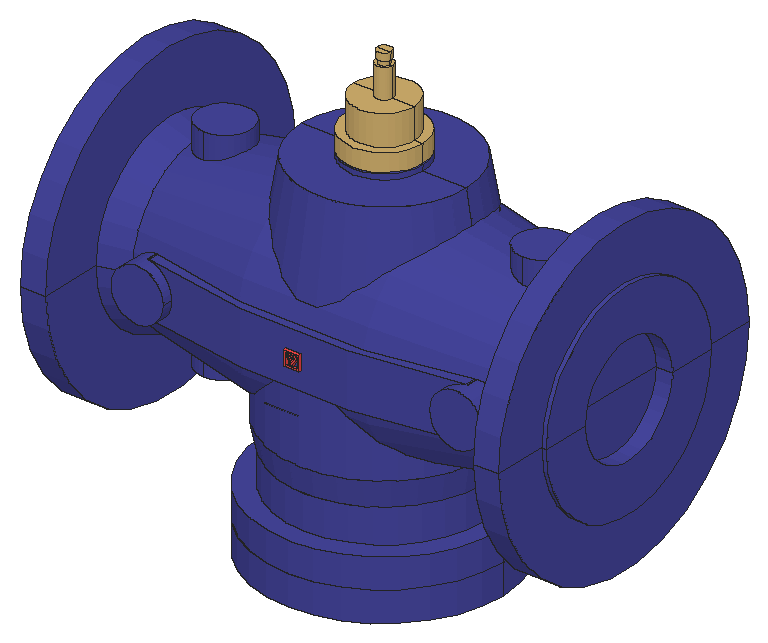
Revit family "Two port control valves 4035_PN25", category Rohrzubehör, Revit 2018
Family settings
  Bemaßung runder Anschluss = Durchmesser verwenden
  Teiletyp = Unterbricht
  OmniClass-Nummer = 23.65.55.14
  OmniClass-Titel = Valves for Liquid Services
  Arbeitsebenenbasiert = Nein
  Immer vertikal = Ja
  Beim Laden mit Abzugskörper schneiden = Nein
  Gemeinsam genutzt = Nein
Parameters (values of type "kvs63")
  kvs63 = yes
  kvs6.3 = no
  kvs40 = no
  kvs4 = no
  kvs330 = no
  kvs250 = no
  kvs25 = no
  kvs2.5 = no
  kvs160 = no
  kvs16 = no
  kvs100 = no
  kvs10 = no
  kvs1.6 = no
  kvs1 = no
  Weight [instance] = size_lookup("4035_PN25", "Gewicht", 25, Nennweite)  # 25
  Valve seat material = "WN1.4021"  # constant formula
  Valve cone material (up to DN50) = "WN1.4021"  # constant formula
  Valve cone material (from DN65 to DN150) = "EN-GJL-250/WN1.4021"  # constant formula
  Valve curve characteristic = "equal percentage"  # constant formula
  URL = "www.herzvalves.com"
  Stem material = "WN1.4404"  # constant formula
  SCTWSEQ = "FW;SBT_TYP_FW=\"101\";2"
  SCTWCODE = "04;05;02"  # constant formula
  SCRNSEQ = "ARM;ARM_TYP=\"DURR\";2"
  SCRNCODE = "05;06;02"  # constant formula
  R14 = 4 mm  # constant formula
  R13 = 3 mm  # constant formula
  R12 = 5 mm  # constant formula
  R11 [instance] = size_lookup("4035_PN25", "R11", 18 mm, Nennweite)  # 18 mm
  R10 [instance] = size_lookup("4035_PN25", "R10", 23 mm, Nennweite)  # 23 mm
  R09 [instance] = size_lookup("4035_PN25", "R9", 49 mm, Nennweite)  # 49 mm
  R08 [instance] = R00 + 3 mm  # 68 mm
  R07 [instance] = size_lookup("4035_PN25", "R7", 15.5 mm, Nennweite)  # 15.5 mm
  R06 [instance] = size_lookup("4035_PN25", "R6", 15.5 mm, Nennweite)  # 15.5 mm
  R05 [instance] = size_lookup("4035_PN25", "R5", 62.5 mm, Nennweite)  # 62.5 mm
  R04 [instance] = size_lookup("4035_PN25", "R4", 59.5 mm, Nennweite)  # 59.5 mm
  R03 [instance] = size_lookup("4035_PN25", "R3", 43 mm, Nennweite)  # 71 mm
  R02 [instance] = size_lookup("4035_PN25", "R2", 43 mm, Nennweite)  # 43 mm
  R01 [instance] = size_lookup("4035_PN25", "R1", 55.5 mm, Nennweite)  # 55.5 mm
  R00 [instance] = size_lookup("4035_PN25", "R", 65 mm, Nennweite)  # 65 mm
  Part number [instance] = if(and(kvs1, Nennweite = 15 mm), 403540, if(and(kvs1.6, Nennweite = 15 mm), 403551, if(and(kvs2.5, Nennweite = 15 mm), 403561, if(and(kvs4, Nennweite = 15 mm), 403571, if(and(kvs6.3, Nennweite = 25 mm), 403543, if(and(kvs10, Nennweite = 25 mm), 403553, if(and(kvs16, Nennweite = 32 mm), 403544, if(and(kvs25, Nennweite = 40 mm), 403545, if(and(kvs40, Nennweite = 50 mm), 403556, if(and(kvs63, Nennweite = 65 mm), 403547, if(and(kvs100, Nennweite = 80 mm), 403548, if(and(kvs160, Nennweite = 100 mm), 403549, if(and(kvs250, Nennweite = 125 mm), 403550, if(and(kvs330, Nennweite = 150 mm), 403542, 0))))))))))))))  # 403547
  PN = 25  # constant formula
  Nennweite [instance] = 65 mm
  min. Operating temperature = 5 °C  # constant formula
  max. Operating temperature = 150 °C  # constant formula
  max. Operating pressure = 2500000.0 Pa  # constant formula
  Medium = "water purity in accordance with the ÖNORM H 5195 and VDI 2035 standards"
  LO1 [instance] = size_lookup("4035_PN25", "LO1", 28.5 mm, Nennweite)  # 68 mm
  L07 [instance] = L06 - R06  # 94.5 mm
  L06 [instance] = size_lookup("4035_PN25", "L6", 110 mm, Nennweite)  # 110 mm
  L05 [instance] = D00  # 92.5 mm
  L03 = 10 mm  # constant formula
  L02 [instance] = size_lookup("4035_PN25", "L2", 15 mm, Nennweite)  # 15 mm
  L01 = 3 mm  # constant formula
  L00 [instance] = size_lookup("4035_PN25", "L", 145 mm, Nennweite)  # 145 mm
  Hersteller = "Herz-Armaturen GmbH"  # constant formula
  H18 [instance] = 17.5 mm  # constant formula
  H15 = 4 mm  # constant formula
  H14 [instance] = size_lookup("4035_PN25", "H14", 17 mm, Nennweite)  # 17 mm
  H13 [instance] = size_lookup("4035_PN25", "H13", 18 mm, Nennweite)  # 18 mm
  H12 [instance] = size_lookup("4035_PN25", "H12", 10.5 mm, Nennweite)  # 10.5 mm
  H11 [instance] = size_lookup("4035_PN25", "H11", 52.5 mm, Nennweite)  # 52.5 mm
  H10 [instance] = size_lookup("4035_PN25", "H10", 135.4 mm, Nennweite)  # 135.4 mm
  H09 = 3 mm  # constant formula
  H08 [instance] = size_lookup("4035_PN25", "H8", 79 mm, Nennweite)  # 79 mm
  H07 [instance] = R00  # 65 mm
  H06 [instance] = size_lookup("4035_PN25", "H6", 59 mm, Nennweite)  # 59 mm
  H05 [instance] = size_lookup("4035_PN25", "H5", 20 mm, Nennweite)  # 20 mm
  H04 [instance] = size_lookup("4035_PN25", "H4", 17 mm, Nennweite)  # 17 mm
  H02 [instance] = size_lookup("4035_PN25", "H2", 38 mm, Nennweite)  # 38 mm
  H03 [instance] = size_lookup("4035_PN25", "H3", 112 mm, Nennweite)  # 112 mm
  H01 [instance] = size_lookup("4035_PN25", "H1", 14 mm, Nennweite)  # 18 mm
  Valve body material = "EN-GJS-400-18-LT (EN 1563)"  # constant formula
  Sealing element material = "70EPDM"  # constant formula
  DN80 [instance] = Nennweite = 80 mm  # no
  DN65 [instance] = Nennweite = 65 mm  # yes
  DN50 [instance] = Nennweite = 50 mm  # no
  DN40 [instance] = Nennweite = 40 mm  # no
  DN32 [instance] = Nennweite = 32 mm  # no
  DN25 [instance] = Nennweite = 25 mm  # no
  DN150 [instance] = Nennweite = 150 mm  # no
  DN15 [instance] = Nennweite = 15 mm  # no
  DN125 [instance] = Nennweite = 125 mm  # no
  DN100 [instance] = Nennweite = 100 mm  # no
  D02 [instance] = Nennweite / 2  # 32.5 mm
  D01 [instance] = size_lookup("4035_PN25", "D1", 61 mm, Nennweite)  # 61 mm
  D00 [instance] = size_lookup("4035_PN25", "D", 92.5 mm, Nennweite)  # 92.5 mm
  Description = "the two port flanged valve is primarily designed to control the flow of circulation water in district heating and HVAC systems, as well as for remote closing of heating pipelines.\r\ncirculation medium should be cold, warm and hot water in temperature range from 5°C to 150°C.\r\nthe valve can be utilized in almost all heating, ventilation and air-conditioning systems and in industrial and technological processes.\r\nthe valve curve is equal percentage.\r\nregulation ratio (ratio between nominal and minimal flow coefficient) is 30:1.\r\nthe selection of the two port flanged valve is according to the diagram of kvs values.\r\n\r\nfor PN25, DN15-65 and DN125-150: valve is closed when the stem is out. valve is open when the stem is depressed.\r\nfor PN25, DN80-100: valve is open when the stem is out. valve is closed when the stem is depressed."
  Type of connection = "EN 1092-2"  # constant formula
Types (15, lengths in mm): name | kvs63 | kvs6.3 | kvs40 | kvs4 | kvs330 | kvs250 | kvs25 | kvs2.5 | kvs160 | kvs16 | kvs100 | kvs10 | kvs1.6 | kvs1 | Weight | R11 | R10 | R09 | R08 | R07 | R06 | R05 | R04 | R03 | R02 | R01 | R00 | Part number | Nennweite | LO1 | L07 | L06 | L05 | L02 | L00 | H14 | H13 | H12 | H11 | H10 | H08 | H07 | H06 | H05 | H04 | H02 | H03 | H01 | DN80 | DN65 | DN50 | DN40 | DN32 | DN25 | DN150 | DN15 | DN125 | DN100 | D02 | D01 | D00
  (no name) | yes | no | no | no | no | no | no | no | no | no | no | no | no | no | 25 | 18 | 23 | 49 | 68 | 15.5 | 15.5 | 62.5 | 59.5 | 71 | 43 | 55.5 | 65 | 403547 | 65 | 68 | 94.5 | 110 | 92.5 | 15 | 145 | 17 | 18 | 10.5 | 52.5 | 135.4 | 79 | 65 | 59 | 20 | 17 | 38 | 112 | 18 | no | yes | no | no | no | no | no | no | no | no | 32.5 | 61 | 92.5
  kvs1 | no | no | no | no | no | no | no | no | no | no | no | no | no | yes | 5 | 10 | 15 | 19.5 | 29.5 | 6 | 6 | 24 | 21 | 32.5 | 14 | 17 | 26.5 | 403540 | 15 | 27.5 | 34 | 40 | 47.5 | 11 | 65 | 13 | 14 | 6.8 | 40.8 | 80.3 | 36.5 | 26.5 | 24.5 | 5 | 13 | 11 | 49 | 14 | no | no | no | no | no | no | no | yes | no | no | 7.5 | 22.5 | 47.5
  kvs1.6 | no | no | no | no | no | no | no | no | no | no | no | no | yes | no | 5 | 10 | 15 | 19.5 | 29.5 | 6 | 6 | 24 | 21 | 32.5 | 14 | 17 | 26.5 | 403551 | 15 | 27.5 | 34 | 40 | 47.5 | 11 | 65 | 13 | 14 | 6.8 | 40.8 | 80.3 | 36.5 | 26.5 | 24.5 | 5 | 13 | 11 | 49 | 14 | no | no | no | no | no | no | no | yes | no | no | 7.5 | 22.5 | 47.5
  kvs2.5 | no | no | no | no | no | no | no | yes | no | no | no | no | no | no | 5 | 10 | 15 | 19.5 | 29.5 | 6 | 6 | 24 | 21 | 32.5 | 14 | 17 | 26.5 | 403561 | 15 | 27.5 | 34 | 40 | 47.5 | 11 | 65 | 13 | 14 | 6.8 | 40.8 | 80.3 | 36.5 | 26.5 | 24.5 | 5 | 13 | 11 | 49 | 14 | no | no | no | no | no | no | no | yes | no | no | 7.5 | 22.5 | 47.5
  kvs4 | no | no | no | yes | no | no | no | no | no | no | no | no | no | no | 5 | 10 | 15 | 19.5 | 29.5 | 6 | 6 | 24 | 21 | 32.5 | 14 | 17 | 26.5 | 403571 | 15 | 27.5 | 34 | 40 | 47.5 | 11 | 65 | 13 | 14 | 6.8 | 40.8 | 80.3 | 36.5 | 26.5 | 24.5 | 5 | 13 | 11 | 49 | 14 | no | no | no | no | no | no | no | yes | no | no | 7.5 | 22.5 | 47.5
  kvs6.3 | no | yes | no | no | no | no | no | no | no | no | no | no | no | no | 8 | 10 | 15 | 19.5 | 41 | 7 | 7 | 35.5 | 32.5 | 44 | 19.5 | 28.5 | 38 | 403543 | 25 | 40 | 45 | 52 | 57.5 | 13 | 80 | 13 | 14 | 6.8 | 40.8 | 88.3 | 44.5 | 38 | 35 | 5 | 15 | 3 | 64 | 16 | no | no | no | no | no | yes | no | no | no | no | 12.5 | 34 | 57.5
  kvs10 | no | no | no | no | no | no | no | no | no | no | no | yes | no | no | 8 | 10 | 15 | 19.5 | 41 | 7 | 7 | 35.5 | 32.5 | 44 | 19.5 | 28.5 | 38 | 403553 | 25 | 40 | 45 | 52 | 57.5 | 13 | 80 | 13 | 14 | 6.8 | 40.8 | 88.3 | 44.5 | 38 | 35 | 5 | 15 | 3 | 64 | 16 | no | no | no | no | no | yes | no | no | no | no | 12.5 | 34 | 57.5
  kvs16 | no | no | no | no | no | no | no | no | no | yes | no | no | no | no | 11.5 | 10 | 15 | 20.5 | 46 | 9 | 9 | 40.5 | 37.5 | 49 | 24.5 | 33.5 | 43 | 403544 | 32 | 45 | 51 | 60 | 70 | 13 | 90 | 17 | 18 | 10.5 | 52.5 | 102 | 46.5 | 43 | 39 | 15 | 15 | 4 | 84 | 16 | no | no | no | no | yes | no | no | no | no | no | 16 | 39 | 70
  kvs25 | no | no | no | no | no | no | yes | no | no | no | no | no | no | no | 13 | 10 | 15 | 20.5 | 51 | 12 | 12 | 45.5 | 42.5 | 54 | 29 | 38.5 | 48 | 403545 | 40 | 50 | 56 | 68 | 75 | 13 | 100 | 17 | 18 | 10.5 | 52.5 | 112 | 56.5 | 48 | 43 | 20 | 15 | 1 | 94 | 16 | no | no | no | yes | no | no | no | no | no | no | 20 | 44 | 75
  kvs63 | yes | no | no | no | no | no | no | no | no | no | no | no | no | no | 25 | 18 | 23 | 49 | 68 | 15.5 | 15.5 | 62.5 | 59.5 | 71 | 43 | 55.5 | 65 | 403547 | 65 | 68 | 94.5 | 110 | 92.5 | 15 | 145 | 17 | 18 | 10.5 | 52.5 | 135.4 | 79 | 65 | 59 | 20 | 17 | 38 | 112 | 18 | no | yes | no | no | no | no | no | no | no | no | 32.5 | 61 | 92.5
  kvs100 | no | no | no | no | no | no | no | no | no | no | yes | no | no | no | 31 | 18 | 23 | 49 | 76 | 15.5 | 15.5 | 70.5 | 67.5 | 79 | 51 | 63.5 | 73 | 403548 | 80 | 77 | 99.5 | 115 | 100 | 17 | 155 | 17 | 18 | 10.5 | 52.5 | 168.5 | 113 | 73 | 65 | 20 | 19 | 46 | 125 | 20 | yes | no | no | no | no | no | no | no | no | no | 40 | 69 | 100
  kvs160 | no | no | no | no | no | no | no | no | yes | no | no | no | no | no | 46 | 30 | 35 | 61 | 86 | 20.5 | 20.5 | 80.5 | 77.5 | 89 | 61 | 73.5 | 83 | 403549 | 100 | 88 | 112.5 | 133 | 110 | 17 | 175 | 21 | 22 | 14.2 | 64.2 | 189.7 | 122.5 | 83 | 73 | 25 | 19 | 65 | 135 | 20 | no | no | no | no | no | no | no | no | no | yes | 50 | 79 | 110
  kvs250 | no | no | no | no | no | yes | no | no | no | no | no | no | no | no | 72 | 30 | 35 | 61 | 101 | 20.5 | 20.5 | 95.5 | 92.5 | 104 | 76 | 88.5 | 98 | 403550 | 125 | 103 | 134.5 | 155 | 125 | 19 | 200 | 21 | 22 | 14.2 | 64.2 | 231 | 163.5 | 98 | 80 | 30 | 21 | 44 | 158 | 21 | no | no | no | no | no | no | no | no | yes | no | 62.5 | 94 | 125
  kvs330 | no | no | no | no | yes | no | no | no | no | no | no | no | no | no | 91 | 30 | 35 | 61 | 113 | 20.5 | 20.5 | 107.5 | 104.5 | 116 | 88 | 100.5 | 110 | 403542 | 150 | 115 | 174.5 | 195 | 142.5 | 19 | 240 | 21 | 22 | 14.2 | 64.2 | 237.5 | 170 | 110 | 85 | 25 | 21 | 42 | 153 | 21 | no | no | no | no | no | no | yes | no | no | no | 75 | 106 | 142.5
  kvs40 | no | no | yes | no | no | no | no | no | no | no | no | no | no | no | 16 | 18 | 23 | 49 | 56 | 13.5 | 13.5 | 52.5 | 49.5 | 61 | 34 | 45.5 | 53 | 403556 | 50 | 56 | 66.5 | 80 | 82.5 | 15 | 115 | 17 | 18 | 10.5 | 52.5 | 122 | 66.5 | 53 | 43 | 1 | 15 | 42 | 67 | 18 | no | no | yes | no | no | no | no | no | no | no | 25 | 51 | 82.5
Reference planes
  plane 1 "Mitte (Vorne/hinten)": y = 0
  plane 2: z = 0
  plane 3 "Mitte (Links/rechts)": x = 0
Forms (mm)
  Revolve 1, solid, material "kunststoff-BLAU", detail levels fine
    sketch origin (1065, 0, 0) x (1, 0, 0) y (0, 1, 0)
      loop
        line (-1207, 61) -> (-1210, 61) -> (-1210, 32.5) -> (-1200, 32.5) -> (-1200, 0) -> (-930, 0) -> (-930, 32.5) -> (-920, 32.5) -> (-920, 61) -> (-923, 61) -> (-923, 92.5) -> (-938, 92.5) -> (-938, 55.5) -> (-955, 49.943)
        arc (-955, 49.943) -> (-1065, 65) -> (-1175, 49.943) r 409.331
        line (-1175, 49.943) -> (-1192, 55.5) -> (-1192, 92.5) -> (-1207, 92.5) -> (-1207, 61)
      axis (-920, 0) -> (-1210, 0)
    angle from 0 to 360
  Extrusion 2, solid, material "kunststoff-BLAU", detail levels fine
    sketch origin (0, 0, 0) x (-1, 0, 0) y (0, 0, -1)
      loop
        circle (94.5, 0) r 15.5
      loop
        circle (-94.5, 0) r 15.5
    from -65 to 65
  Extrusion 3, solid, material "kunststoff-BLAU", visible <- "DN65", detail levels fine
    sketch origin (0, 0, 0) x (1, 0, 0) y (0, 1, 0)
      loop
        arc (-95, -56.907) -> (0, -68) -> (95, -56.907) r 412.331
        line (95, -56.907) -> (95, 56.907)
        arc (95, 56.907) -> (0, 68) -> (-95, 56.907) r 412.331
        line (-95, 56.907) -> (-95, -56.907)
    from -15.5 to 15.5
  Revolve 4, solid, material "kunststoff-BLAU", detail levels fine
    sketch origin (0, 0, 0) x (1, 0, 0) y (0, 0, 1)
      loop
        line (-49, 79) -> (-62.5, 0) -> (0, 0) -> (0, 82) -> (-23, 82) -> (-23, 79) -> (-49, 79)
      axis (0, 82) -> (0, 0)
    angle from 0 to 360
  Revolve 5, solid, material "kunststoff-BLAU", detail levels fine
    sketch origin (0, 0, 0) x (1, 0, 0) y (0, 0, 1)
      loop
        line (0, 0) -> (-62.5, 0) -> (-62.5, -59) -> (-59.5, -74.5) -> (-59.5, -94.5) -> (-71, -94.5) -> (-71, -112) -> (0, -112) -> (0, 0)
      axis (0, 0) -> (0, -112)
    angle from 0 to 360
  Revolve 6, solid, material "kunststoff-BLAU", detail levels fine
    sketch origin (0, 0, 0) x (1, 0, 0) y (0, 0, 1)
      loop
        line (0, -112) -> (-71, -112) -> (-71, -130) -> (0, -130) -> (0, -112)
      axis (0, -112) -> (0, -130)
    angle from 0 to 360
  Extrusion 7, solid, material "kunststoff-BLAU", detail levels fine
    sketch origin (0, 0, 0) x (0, -1, 0) y (1, 0, 0)
      loop
        circle (0, -94.5) r 15.5
      loop
        circle (0, 94.5) r 15.5
    from -65 to 65
  Extrusion 8, solid, material "kunststoff-BLAU", visible <- "DN150", detail levels fine
    sketch origin (0, 0, 0) x (1, 0, 0) y (0, 1, 0)
      loop
        arc (-179.5, -78.475) -> (0, -115) -> (179.5, -78.475) r 459.331
        line (179.5, -78.475) -> (179.5, 78.475)
        arc (179.5, 78.475) -> (0, 115) -> (-179.5, 78.475) r 459.331
        line (-179.5, 78.475) -> (-179.5, -78.475)
    from -20.5 to 20.5
  Extrusion 9, solid, material "kunststoff-BLAU", visible <- "DN125", detail levels fine
    sketch origin (0, 0, 0) x (1, 0, 0) y (0, 1, 0)
      loop
        arc (-134.5, -82.301) -> (0, -103) -> (134.5, -82.301) r 447.331
        line (134.5, -82.301) -> (134.5, 82.301)
        arc (134.5, 82.301) -> (0, 103) -> (-134.5, 82.301) r 447.331
        line (-134.5, 82.301) -> (-134.5, -82.301)
    from -20.5 to 20.5
  Extrusion 10, solid, material "kunststoff-BLAU", visible <- "DN100", detail levels fine
    sketch origin (0, 0, 0) x (1, 0, 0) y (0, 1, 0)
      loop
        arc (-112.5, -73.106) -> (0, -88) -> (112.5, -73.106) r 432.331
        line (112.5, -73.106) -> (112.5, 73.106)
        arc (112.5, 73.106) -> (0, 88) -> (-112.5, 73.106) r 432.331
        line (-112.5, 73.106) -> (-112.5, -73.106)
    from -20.5 to 20.5
  Extrusion 11, solid, material "kunststoff-BLAU", visible <- "DN80", detail levels fine
    sketch origin (0, 0, 0) x (1, 0, 0) y (0, 1, 0)
      loop
        line (99.5, -65.083) -> (99.5, 65.083)
        arc (99.5, 65.083) -> (0, 77) -> (-99.5, 65.083) r 421.331
        line (-99.5, 65.083) -> (-99.5, -65.083)
        arc (-99.5, -65.083) -> (0, -77) -> (99.5, -65.083) r 421.331
    from -15.5 to 15.5
  Extrusion 12, solid, material "kunststoff-BLAU", visible <- "DN50", detail levels fine
    sketch origin (0, 0, 0) x (1, 0, 0) y (0, 1, 0)
      loop
        arc (-66.5, -50.44) -> (0, -56.006) -> (66.5, -50.44) r 400.05
        line (66.5, -50.44) -> (66.5, 50.44)
        arc (66.5, 50.44) -> (0, 56.006) -> (-66.5, 50.44) r 400.05
        line (-66.5, 50.44) -> (-66.5, -50.44)
    from -13.5 to 13.5
  Extrusion 13, solid, material "kunststoff-BLAU", visible <- "DN40", detail levels fine
    sketch origin (0, 0, 0) x (1, 0, 0) y (0, 1, 0)
      loop
        arc (-56, -46.003) -> (0, -50) -> (56, -46.003) r 394.331
        line (56, -46.003) -> (56, 46.003)
        arc (56, 46.003) -> (0, 50) -> (-56, 46.003) r 394.331
        line (-56, 46.003) -> (-56, -46.003)
    from -12 to 12
  Extrusion 14, solid, material "kunststoff-BLAU", visible <- "DN32", detail levels fine
    sketch origin (0, 0, 0) x (1, 0, 0) y (0, 1, 0)
      loop
        arc (-51, -41.645) -> (0, -45) -> (51, -41.645) r 389.331
        line (51, -41.645) -> (51, 41.645)
        arc (51, 41.645) -> (0, 45) -> (-51, 41.645) r 389.331
        line (-51, 41.645) -> (-51, -41.645)
    from -9 to 9
  Extrusion 15, solid, material "kunststoff-BLAU", visible <- "DN25", detail levels fine
    sketch origin (0, 0, 0) x (1, 0, 0) y (0, 1, 0)
      loop
        line (45, -37.356) -> (45, 37.356)
        arc (45, 37.356) -> (0, 40) -> (-45, 37.356) r 384.331
        line (-45, 37.356) -> (-45, -37.356)
        arc (-45, -37.356) -> (0, -40) -> (45, -37.356) r 384.331
    from -7 to 7
  Extrusion 16, solid, material "kunststoff-BLAU", visible <- "DN15", detail levels fine
    sketch origin (0, 0, 0) x (1, 0, 0) y (0, 1, 0)
      loop
        line (-34, 25.942) -> (-34, -25.942)
        arc (-34, -25.942) -> (0, -27.5) -> (34, -25.942) r 371.831
        line (34, -25.942) -> (34, 25.942)
        arc (34, 25.942) -> (0, 27.5) -> (-34, 25.942) r 371.831
    from -6 to 6
  Revolve 17, solid, material "Messing-poliert", detail levels fine
    sketch origin (0, 0, 0) x (1, 0, 0) y (0, 0, 1)
      loop
        line (-23, 93.4) -> (-23, 82.9) -> (0, 82.9) -> (0, 135.4) -> (-4, 135.4) -> (-4, 131.4) -> (-3, 131.4) -> (-3, 128.4) -> (-5, 128.4) -> (-5, 111.4) -> (-18, 111.4) -> (-18, 93.4) -> (-23, 93.4)
      axis (0, 135.4) -> (0, 82.9)
    angle from 0 to 360
Lines and regions (mm)
  model lines, detail levels coarse+medium
    curve 1: line (145, 92.5, 0) -> (145, -92.5, 0)
    curve 2: line (145, -92.5, 0) -> (-145, 92.5, 0)
    curve 3: line (-145, 92.5, 0) -> (-145, -92.5, 0)
    curve 4: line (-145, -92.5, 0) -> (145, 92.5, 0)
    curve 5: line (145, 0, 92.5) -> (145, 0, -92.5)
    curve 6: line (145, 0, -92.5) -> (-145, 0, 92.5)
    curve 7: line (-145, 0, 92.5) -> (-145, 0, -92.5)
    curve 8: line (-145, 0, -92.5) -> (145, 0, 92.5)
Dimensions and locks
  "L00": Revolve 1 sketch curve to plane 3 "Mitte (Links/rechts)" to Revolve 1 sketch curve
  "D00": plane 1 "Mitte (Vorne/hinten)" to Revolve 1 sketch curve  (x2)
  "D02": plane 1 "Mitte (Vorne/hinten)" to Revolve 1 sketch curve  (x2)
  "L01": Revolve 1 sketch curve to Revolve 1 sketch curve  (x2)
  "L02": Revolve 1 sketch curve to Revolve 1 sketch curve  (x2)
  "D01": plane 1 "Mitte (Vorne/hinten)" to Revolve 1 sketch curve  (x2)
  "R01": plane 1 "Mitte (Vorne/hinten)" to Revolve 1 sketch curve  (x2)
  "R00": Revolve 1 sketch curve to Revolve 1 sketch curve
  "L03": Revolve 1 sketch curve to Revolve 1 sketch curve  (x2)
  "H01": Revolve 6 sketch curve to Revolve 6 sketch curve
  "R03": plane 3 "Mitte (Links/rechts)" to Revolve 6 sketch curve
  "R03": Revolve 5 sketch curve to Revolve 5 sketch curve
  "H03": plane 2 to Revolve 5 sketch curve
  "H06": Revolve 5 sketch curve to Revolve 5 sketch curve
  "R04": Revolve 5 sketch curve to Revolve 5 sketch curve
  "R05": Revolve 5 sketch curve to Revolve 5 sketch curve
  "H05": Revolve 5 sketch curve to Revolve 5 sketch curve
  "L06": Revolve 1 sketch curve to plane 3 "Mitte (Links/rechts)" to Revolve 1 sketch curve
  "H03": plane 2 to Revolve 6 sketch curve
  "R09": Revolve 4 sketch curve to Revolve 4 sketch curve
  "R05": Revolve 4 sketch curve to Revolve 4 sketch curve
  "H07": Extrusion 7 to plane 2 to Extrusion 7  (x2)
  "L07": plane 3 "Mitte (Links/rechts)" to Extrusion 7 sketch curve
  "L07": Extrusion 7 sketch curve to plane 3 "Mitte (Links/rechts)"
  "H07": Extrusion 2 to plane 1 "Mitte (Vorne/hinten)"  (x3)
  "L07": plane 3 "Mitte (Links/rechts)" to Extrusion 2 sketch curve
  "L07": Extrusion 2 sketch curve to plane 3 "Mitte (Links/rechts)"
  "H07": plane 1 "Mitte (Vorne/hinten)" to Extrusion 2
  "H08": Revolve 4 sketch curve to plane 2
  "H09": Revolve 4 sketch curve to Revolve 4 sketch curve
  "R10": plane 3 "Mitte (Links/rechts)" to Revolve 4 sketch curve
  "H11": Revolve 17 sketch curve to Revolve 17 sketch curve
  "H10": Revolve 17 sketch curve to plane 2
  "R10": plane 3 "Mitte (Links/rechts)" to Revolve 17 sketch curve
  "H12": Revolve 17 sketch curve to Revolve 17 sketch curve
  "H13": Revolve 17 sketch curve to Revolve 17 sketch curve
  "H14": Revolve 17 sketch curve to Revolve 17 sketch curve
  "H15": Revolve 17 sketch curve to Revolve 17 sketch curve
  "R14": plane 3 "Mitte (Links/rechts)" to Revolve 17 sketch curve
  "R13": plane 3 "Mitte (Links/rechts)" to Revolve 17 sketch curve
  "R11": plane 3 "Mitte (Links/rechts)" to Revolve 17 sketch curve
  "R12": plane 3 "Mitte (Links/rechts)" to Revolve 17 sketch curve
  "LO1": nested 1 to plane 1 "Mitte (Vorne/hinten)"
  "H18": Revolve 5 sketch curve to Revolve 6
  "L00": curve 3 to plane 3 "Mitte (Links/rechts)" to curve 1
  "D00": curve 4 to plane 1 "Mitte (Vorne/hinten)" to curve 3
  "D00": curve 2 to plane 1 "Mitte (Vorne/hinten)" to curve 4
  "L00": curve 7 to plane 3 "Mitte (Links/rechts)" to curve 5
  "D00": curve 8 to plane 2 to curve 6
  "D00": curve 7 to plane 2 to curve 8
  "R06": radius of Extrusion 7 sketch curve  (x2)
  "R07": radius of Extrusion 2 sketch curve  (x2)
  aligned and locked: level to plane 2
Automatic sketch dimensions
  Extrusion 3 sketch curve to plane 1 "Mitte (Vorne/hinten)" = 56.907 mm  (x2)
  Extrusion 3 sketch curve to plane 3 "Mitte (Links/rechts)" = 0 mm  (x2)
  Extrusion 3 sketch curve to Extrusion 3 sketch curve = 113.814 mm
  Extrusion 3 sketch curve to Extrusion 3 sketch curve = 287.425 mm
  Extrusion 3 sketch curve to plane 1 "Mitte (Vorne/hinten)" = 344.331 mm
  plane 3 "Mitte (Links/rechts)" to Extrusion 3 sketch curve = 95 mm
  Extrusion 8 sketch curve to plane 3 "Mitte (Links/rechts)" = 0 mm  (x2)
  Extrusion 8 sketch curve to plane 1 "Mitte (Vorne/hinten)" = 78.475 mm  (x2)
  plane 1 "Mitte (Vorne/hinten)" to Extrusion 8 sketch curve = 78.475 mm
  Extrusion 8 sketch curve to plane 3 "Mitte (Links/rechts)" = 179.5 mm
  Extrusion 8 sketch curve to Extrusion 8 sketch curve = 265.857 mm
  Extrusion 8 sketch curve to plane 1 "Mitte (Vorne/hinten)" = 344.331 mm
  plane 3 "Mitte (Links/rechts)" to Extrusion 9 sketch curve = 134.5 mm
  plane 1 "Mitte (Vorne/hinten)" to Extrusion 9 sketch curve = 82.301 mm  (x2)
  Extrusion 9 sketch curve to plane 3 "Mitte (Links/rechts)" = 0 mm  (x2)
  Extrusion 9 sketch curve to Extrusion 9 sketch curve = 262.031 mm  (x2)
  Extrusion 9 sketch curve to plane 1 "Mitte (Vorne/hinten)" = 82.301 mm
  Extrusion 10 sketch curve to plane 3 "Mitte (Links/rechts)" = 0 mm  (x2)
  plane 1 "Mitte (Vorne/hinten)" to Extrusion 10 sketch curve = 73.106 mm
  Extrusion 10 sketch curve to plane 3 "Mitte (Links/rechts)" = 112.5 mm
  Extrusion 10 sketch curve to Extrusion 10 sketch curve = 271.225 mm
  Extrusion 10 sketch curve to plane 1 "Mitte (Vorne/hinten)" = 344.331 mm
  Extrusion 10 sketch curve to plane 1 "Mitte (Vorne/hinten)" = 73.106 mm  (x2)
  Extrusion 11 sketch curve to plane 3 "Mitte (Links/rechts)" = 0 mm  (x2)
  plane 1 "Mitte (Vorne/hinten)" to Extrusion 11 sketch curve = 65.083 mm  (x2)
  Extrusion 11 sketch curve to plane 3 "Mitte (Links/rechts)" = 99.5 mm
  Extrusion 11 sketch curve to Extrusion 11 sketch curve = 279.249 mm
  Extrusion 11 sketch curve to plane 1 "Mitte (Vorne/hinten)" = 344.331 mm
  Extrusion 11 sketch curve to plane 1 "Mitte (Vorne/hinten)" = 65.083 mm
  Extrusion 12 sketch curve to plane 3 "Mitte (Links/rechts)" = 0 mm  (x2)
  Extrusion 12 sketch curve to plane 3 "Mitte (Links/rechts)" = 66.5 mm
  plane 3 "Mitte (Links/rechts)" to Extrusion 12 sketch curve = 66.5 mm
  plane 1 "Mitte (Vorne/hinten)" to Extrusion 12 sketch curve = 344.044 mm
  plane 1 "Mitte (Vorne/hinten)" to Extrusion 12 sketch curve = 50.44 mm
  Extrusion 12 sketch curve to plane 1 "Mitte (Vorne/hinten)" = 50.44 mm
  Extrusion 12 sketch curve to Extrusion 12 sketch curve = 293.604 mm
  Extrusion 13 sketch curve to plane 3 "Mitte (Links/rechts)" = 0 mm  (x2)
  Extrusion 13 sketch curve to plane 3 "Mitte (Links/rechts)" = 56 mm
  plane 3 "Mitte (Links/rechts)" to Extrusion 13 sketch curve = 56 mm
  plane 1 "Mitte (Vorne/hinten)" to Extrusion 13 sketch curve = 344.331 mm
  plane 1 "Mitte (Vorne/hinten)" to Extrusion 13 sketch curve = 46.003 mm
  Extrusion 13 sketch curve to plane 1 "Mitte (Vorne/hinten)" = 46.003 mm
  Extrusion 13 sketch curve to Extrusion 13 sketch curve = 298.328 mm
  Extrusion 14 sketch curve to plane 3 "Mitte (Links/rechts)" = 0 mm  (x2)
  Extrusion 14 sketch curve to plane 3 "Mitte (Links/rechts)" = 51 mm
  plane 3 "Mitte (Links/rechts)" to Extrusion 14 sketch curve = 51 mm
  plane 1 "Mitte (Vorne/hinten)" to Extrusion 14 sketch curve = 344.331 mm
  plane 1 "Mitte (Vorne/hinten)" to Extrusion 14 sketch curve = 41.645 mm
  Extrusion 14 sketch curve to plane 1 "Mitte (Vorne/hinten)" = 41.645 mm
  Extrusion 14 sketch curve to Extrusion 14 sketch curve = 302.686 mm
  Extrusion 15 sketch curve to plane 3 "Mitte (Links/rechts)" = 0 mm  (x2)
  Extrusion 15 sketch curve to plane 3 "Mitte (Links/rechts)" = 45 mm
  plane 3 "Mitte (Links/rechts)" to Extrusion 15 sketch curve = 45 mm
  plane 1 "Mitte (Vorne/hinten)" to Extrusion 15 sketch curve = 344.331 mm
  plane 1 "Mitte (Vorne/hinten)" to Extrusion 15 sketch curve = 37.356 mm
  Extrusion 15 sketch curve to plane 1 "Mitte (Vorne/hinten)" = 37.356 mm
  Extrusion 15 sketch curve to Extrusion 15 sketch curve = 306.975 mm
  Extrusion 16 sketch curve to plane 3 "Mitte (Links/rechts)" = 0 mm  (x2)
  Extrusion 16 sketch curve to plane 3 "Mitte (Links/rechts)" = 34 mm
  plane 3 "Mitte (Links/rechts)" to Extrusion 16 sketch curve = 34 mm
  plane 1 "Mitte (Vorne/hinten)" to Extrusion 16 sketch curve = 344.331 mm
  plane 1 "Mitte (Vorne/hinten)" to Extrusion 16 sketch curve = 25.942 mm
  Extrusion 16 sketch curve to plane 1 "Mitte (Vorne/hinten)" = 25.942 mm
  Extrusion 16 sketch curve to Extrusion 16 sketch curve = 318.389 mm
  Revolve 1 sketch curve to plane 1 "Mitte (Vorne/hinten)" = 0 mm
  Revolve 1 sketch curve to plane 3 "Mitte (Links/rechts)" = 0 mm
  plane 1 "Mitte (Vorne/hinten)" to Revolve 1 sketch curve = 0 mm
  plane 1 "Mitte (Vorne/hinten)" to Revolve 1 sketch curve = 344.331 mm
  Revolve 1 sketch curve to Revolve 1 sketch curve = 1855 mm  (x2)
  Extrusion 2 sketch curve to level = 0 mm  (x2)
  Revolve 4 sketch curve to level = 0 mm
  Revolve 4 sketch curve to plane 3 "Mitte (Links/rechts)" = 0 mm  (x2)
  Revolve 4 sketch curve to Revolve 4 sketch curve = 366.045 mm
  Revolve 4 sketch curve to Revolve 4 sketch curve = 2132.315 mm
  Revolve 5 sketch curve to level = 0 mm
  Revolve 5 sketch curve to plane 3 "Mitte (Links/rechts)" = 0 mm  (x2)
  Revolve 5 sketch curve to Revolve 5 sketch curve = 254.045 mm
  level to Revolve 5 sketch curve = 2214.315 mm
  Revolve 6 sketch curve to plane 3 "Mitte (Links/rechts)" = 0 mm  (x2)
  Revolve 6 sketch curve to Revolve 6 sketch curve = 0 mm
  level to Revolve 6 sketch curve = 2214.315 mm
  plane 1 "Mitte (Vorne/hinten)" to Extrusion 7 sketch curve = 0 mm  (x2)
  Revolve 17 sketch curve to plane 3 "Mitte (Links/rechts)" = 0 mm  (x2)
  Revolve 17 sketch curve to level = 366.045 mm
  Revolve 17 sketch curve to Revolve 17 sketch curve = 2079.815 mm
Nested families
  nested 1: "Herz-Logo-vorne" at (-0.018, -68, 0) x (0, 1, 0) z (0, 0, 1), type "Herz-Logo-vorne", detail levels fine
Connectors
  piping at (-145, 0, 0), diameter 65, driven by "Nennweite"
    settings: on Revolve 1, index 1, connector inside diameter 609.6 mm, connector length 0 mm, flow factor 0, pipe flow 0.0 L/s, pressure drop 0.0 Pa, fitting loss kfactor 0, connector angle 0.00°, fixture units 0, engagement length 0 mm, angle of deflection 0.00°, flow configuration 0, flow direction 1, fitting loss method 0, system type 29, joint type 0, gender type 0, connector reference index -1, connector utility 0, adjustable connector no, is connector primary yes, connector description ""
  piping at (145, 0, 0), diameter 65, driven by "Nennweite"
    settings: on Revolve 1, index 2, connector inside diameter 609.6 mm, connector length 0 mm, flow factor 0, pipe flow 0.0 L/s, pressure drop 0.0 Pa, fitting loss kfactor 0, connector angle 0.00°, fixture units 0, engagement length 0 mm, angle of deflection 0.00°, flow configuration 0, flow direction 2, fitting loss method 0, system type 29, joint type 0, gender type 0, connector reference index -1, connector utility 0, adjustable connector no, is connector primary no, connector description ""
Definition of nested family "Herz-Logo-vorne"
  Reference planes
    plane 1 "Mitte (Vorne/hinten)": y = 0
    plane 2: z = 0
    plane 3 "Mitte (Links/rechts)": x = 0
  Forms (mm)
    Extrusion 1, solid
      sketch origin (0.732, -0.018, 0.017) x (0, -1, 0) y (0, 0, 1)
        loop
          line (-0.018, -4.517) -> (4.482, -4.517) -> (4.482, 4.483) -> (-4.518, 4.483) -> (-4.518, -4.517) -> (-0.018, -4.517)
        loop
          line (-0.05, -3.48) -> (3.482, -3.48) -> (3.482, 3.483) -> (-3.518, 3.483) -> (-3.518, -3.48) -> (-0.05, -3.48)
        loop
          arc (-0.018, 2.383) -> (-1.543, 3.287) -> (-3.067, 2.383) r 1.738
          arc (-3.067, 2.383) -> (-3.191, 1.899) -> (-3.067, 1.415) r 1.009
          line (-3.067, 1.415) -> (-0.018, -3.281) -> (3.032, 1.415)
          arc (3.032, 1.415) -> (3.156, 1.899) -> (3.032, 2.383) r 1.009
          arc (3.032, 2.383) -> (1.507, 3.287) -> (-0.018, 2.383) r 1.738
        loop
          arc (1.885, 1.272) -> (2.005, 1.675) -> (1.885, 2.079) r 0.74
          arc (1.885, 2.079) -> (1.265, 2.416) -> (0.644, 2.079) r 0.74
          line (0.644, 2.079) -> (-0.018, 0.97) -> (-0.679, 2.079)
          arc (-0.679, 2.079) -> (-1.3, 2.416) -> (-1.921, 2.079) r 0.74
          arc (-1.921, 2.079) -> (-2.04, 1.675) -> (-1.921, 1.272) r 0.74
          line (-1.921, 1.272) -> (-0.018, -1.658) -> (1.885, 1.272)
      from 0 to 1.5
  Dimensions and locks
    aligned and locked: level to plane 2
